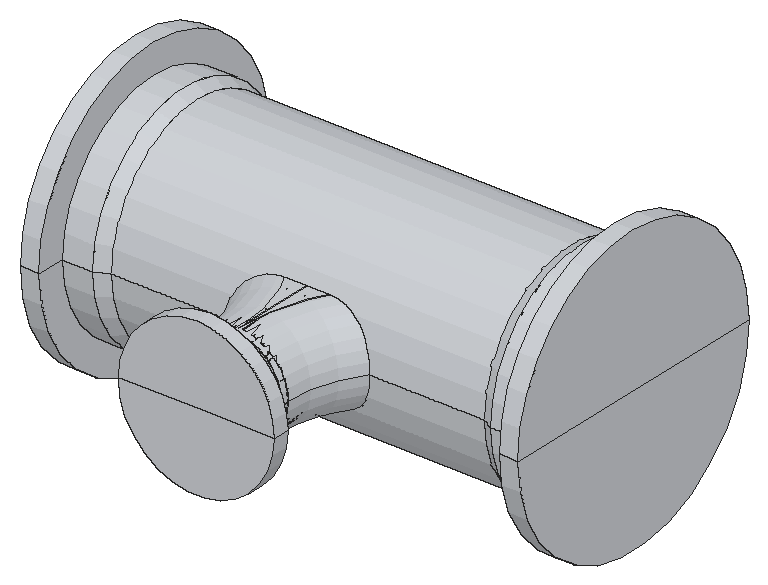
Revit family "856513a9eb244e048345ee099d640f28", category Pipe Fittings, Revit 2021
Family settings
  Round Connector Dimension = Use Radius
  Part Type = Tee
  OmniClass Number = 23.60.30.11.14
  OmniClass Title = Pipework Fittings
  Seek Item ID = Tee - PVC - Sch 40-0000-USA-ENU
  Work Plane-Based = No
  Always vertical = Yes
  Cut with Voids When Loaded = No
  Shared = No
Parameters (values of type "Standard")
  Visibility 1 [instance] = Angle = 90.00°  # yes
  Tick Size 2 [instance] = Fitting Outside Diameter 2 * 0.4  # 2.7760"
  Tick Size 1 [instance] = Fitting Outside Diameter 1 * 0.4  # 6.1200"
  Socket Outside Radius 2 [instance] = Socket Outside Diameter 2 / 2  # 3.8050"
  Socket Outside Radius 1 [instance] = Socket Outside Diameter 1 / 2  # 8.0950"
  Socket Outside Diameter 1 [instance] = size_lookup(Lookup Table Name, "SOD", 1.08 * Nominal Diameter 1 + 1.1300", Nominal Diameter 1)  # 16.1900"
  Socket Outside Diameter 2 [instance] = size_lookup(Lookup Table Name, "SOD", 1.08 * Nominal Diameter 2 + 1.1300", Nominal Diameter 2)  # 7.6100"
  Socket Depth 2 [instance] = if(Nominal Diameter 2 < 14.0000", 2.5000", if(Nominal Diameter 2 < 30.0000", 3.5000", 4.0000"))  # 2.5000"
  Socket Depth 1 [instance] = if(Nominal Diameter 1 < 14.0000", 2.5000", if(Nominal Diameter 1 < 30.0000", 3.5000", 4.0000"))  # 3.5000"
  Nominal Radius 2 [instance] = 3.0000"
  Nominal Diameter 2 [instance] = Nominal Radius 2 * 2  # 6.0000"
  Lookup Table Name = "Tee Reducing - MJ - GI - Class 150"
  Length 1 [instance] = Socket Depth 2 + Bevel Length 2  # 3.1700"
  Fitting Outside Radius 2 [instance] = Fitting Outside Diameter 2 / 2  # 3.4700"
  Fitting Outside Radius 1 [instance] = Fitting Outside Diameter 1 / 2  # 7.6500"
  Fitting Outside Diameter 2 [instance] = size_lookup(Lookup Table Name, "FOD", 1.04 * Nominal Diameter 2 + 0.7000", Nominal Diameter 2)  # 6.9400"
  Fitting Outside Diameter 1 [instance] = size_lookup(Lookup Table Name, "FOD", 1.04 * Nominal Diameter 1 + 0.7000", Nominal Diameter 1)  # 15.3000"
  Nominal Radius 1 [instance] = 7.0000"
  Nominal Diameter 1 [instance] = Nominal Radius 1 * 2  # 14.0000"
  Loss Method = K Coefficient from Table
  K Coefficient Table = "Tee"
  Default Elevation = 0.0000"
  Bevel Length 2 [instance] = size_lookup(Lookup Table Name, "BvLgt", 0.04 * Nominal Diameter 2 + 0.4300", Nominal Diameter 2)  # 0.6700"
  Bevel Length 1 [instance] = size_lookup(Lookup Table Name, "BvLgt", 0.04 * Nominal Diameter 1 + 0.4300", Nominal Diameter 1)  # 0.8900"
  Center to Socket Bottom 2 [instance] = size_lookup(Lookup Table Name, "CtSB2", 5.1800" + 0.57 * Nominal Diameter 1 + 0.05 * Nominal Diameter 2, Nominal Diameter 1, Nominal Diameter 2)  # 14.0000"
  Center to Socket Bottom 1 [instance] = size_lookup(Lookup Table Name, "CtSB1", 5.7000" + 0.3 * Nominal Diameter 1 + 0.32 * Nominal Diameter 2, Nominal Diameter 1, Nominal Diameter 2)  # 14.0000"
  Center to End 2 [instance] = Center to Socket Bottom 2 + Socket Depth 2  # 16.5000"
  Center to End 2 Label [instance] = if((Center to End 2 - Gland Width 2) * tan(Angle 1 / 2) > Gland Outside Radius 1, Center to End 2, Gland Outside Radius 1 / tan(Angle 1 / 2) + Gland Width 2)  # 16.5000"
  Center to End 1 Label [instance] = if((Center to End 2 - Gland Width 2) * tan(Angle 1 / 2) > Gland Outside Radius 1, Center to End 1, Gland Outside Radius 1 / tan(Angle 1 / 2) + Gland Width 2)  # 17.5000"
  Center to End 1 [instance] = Center to Socket Bottom 1 + Socket Depth 1  # 17.5000"
  Center Radius Label [instance] = if(Center to Socket Bottom 2 - Center Radius - Bevel Length 2 < 0.5000", Center to Socket Bottom 2 - Bevel Length 2 - 0.5000", Center Radius)  # 12.8300"
  Center Radius [instance] = size_lookup(Lookup Table Name, "CRad", 4.4800" + 0.3 * Nominal Diameter 1 + 0.33 * Nominal Diameter 2, Nominal Diameter 1, Nominal Diameter 2)  # 13.1100"
  Gland Width 2 [instance] = size_lookup(Lookup Table Name, "GWid", 0.03 * Nominal Diameter 2 + 0.9400", Nominal Diameter 2)  # 1.1200"
  Gland Width 1 [instance] = size_lookup(Lookup Table Name, "GWid", 0.03 * Nominal Diameter 1 + 0.9400", Nominal Diameter 1)  # 1.3100"
  Gland Outside Radius 2 [instance] = Gland Outside Diameter 2 / 2  # 5.4950"
  Gland Outside Radius 1 [instance] = Gland Outside Diameter 1 / 2  # 10.1250"
  Gland Outside Diameter 2 [instance] = size_lookup(Lookup Table Name, "GOD", 1.16 * Nominal Diameter 2 + 4.0300", Nominal Diameter 2)  # 10.9900"
  Gland Outside Diameter 1 [instance] = size_lookup(Lookup Table Name, "GOD", 1.16 * Nominal Diameter 1 + 4.0300", Nominal Diameter 1)  # 20.2500"
  Angle 1 [instance] = if(Angle > 90.00°, 180.00° - Angle, Angle)  # 90.00°
  Angle [instance] = 90.00°
Reference planes (in)
  plane 1 "Center (Front/Back)": y = 0
  plane 2: z = 0
  plane 3 "Center (Left/Right)": x = 0
  plane 4: y = -14
  plane 5: y = 10.125
  plane 6: y = 8.095
  plane 7: y = 7.65
  plane 8: x = -17.5
  plane 9: x = -16.19
  plane 10: x = -13.11
  plane 11: x = -14
  plane 12: x = 17.5
  plane 13: x = 16.19
  plane 14: x = 13.11
  plane 15: x = 14
  plane 16: y = -13.33
  plane 17: y = -12.83
  plane 18: x = -12.83
  plane 19: x = 12.83
  plane 20: z = 3.47
  plane 21: z = -3.47
  plane 22: y = 6.12
  plane 23: y = -6.12
Forms (in)
  Revolve 1, solid, detail levels fine
    sketch origin (0, 0, 0) x (1, 0, 0) y (0, 1, 0)
      loop
        line (-17.5, 0) -> (17.5, 0) -> (17.5, 10.125) -> (16.19, 10.125) -> (16.19, 8.095) -> (14, 8.095) -> (13.11, 7.65) -> (-13.11, 7.65) -> (-14, 8.095) -> (-16.19, 8.095) -> (-16.19, 10.125) -> (-17.5, 10.125) -> (-17.5, 0)
      axis (-17.5, 0) -> (17.5, 0)
    angle from 0 to 360
  Sweep 2, solid, visible <- "Visibility 1", detail levels fine
    path origin (0, 0, 0) x (1, 0, 0) y (0, 1, 0)
      loop
        arc (-12.83, 0) -> (-3.75782, -3.75782) -> (0, -12.83) r 12.83
        line (0, -12.83) -> (0, -13.33)
    profile origin (0, -12.83, 0) x (1, 0, 0) y (0, 0, 1)
      loop
        circle (0, 0) r 3.47
  Sweep 3, solid, visible <- "Visibility 1", detail levels fine
    path origin (0, 0, 0) x (-1, 0, 0) y (0, 1, 0)
      loop
        arc (-12.83, 0) -> (-3.75782, -3.75782) -> (0, -12.83) r 12.83
        line (0, -12.83) -> (0, -13.33)
    profile origin (0, -12.83, 0) x (1, 0, 0) y (0, 0, 1)
      loop
        circle (0, 0) r 3.47
  Extrusion 4, solid, visible <- "Visibility 1", detail levels fine
    sketch origin (0, 0, 0) x (1, 0, 0) y (0, 1, 0)
      loop
        arc (-12.83, 0) -> (-3.75782, -3.75782) -> (0, -12.83) r 12.83
        arc (0, -12.83) -> (3.75782, -3.75782) -> (12.83, 0) r 12.83
        line (12.83, 0) -> (-12.83, 0)
    from -3.47 to 3.47
  Revolve 5, solid, detail levels fine
    sketch origin (0, 0, 0) x (0, -1, 0) y (1, 0, 0)
      loop
        line (0, -3.47) -> (13.33, -3.47) -> (14, -3.805) -> (15.38, -3.805) -> (15.38, -5.495) -> (16.5, -5.495) -> (16.5, 0) -> (0, 0) -> (0, -3.47)
      axis (0, 0) -> (16.5, 0)
    angle from 0 to 360
Lines and regions (in)
  model lines, detail levels coarse+medium
    curve 1: line (-17.5, 6.12, 0) -> (-17.5, -6.12, 0)
    curve 2: line (17.5, 6.12, 0) -> (17.5, -6.12, 0)
    curve 5: line (-2.776, -16.5, 0) -> (2.776, -16.5, 0)
  model lines, style "PipeFitting", detail levels coarse+medium
    curve 3: line (-17.5, 0, 0) -> (17.5, 0, 0)
    curve 6: line (0, 0, 0) -> (0, -16.5, 0)
  reference lines, not visible
    curve 4: line (0, 0, 0) -> (0, -16.5, 0)
Dimensions and locks (in)
  "Center to Socket Bottom 2": plane 4 to plane 1 "Center (Front/Back)"
  "Fitting Outside Radius 1": plane 7 to plane 1 "Center (Front/Back)"
  "Socket Outside Radius 1": plane 6 to plane 1 "Center (Front/Back)"
  "Gland Outside Radius 1": plane 5 to plane 1 "Center (Front/Back)"
  "Gland Width 1": plane 8 to plane 9
  "Socket Depth 1": plane 8 to plane 11
  "Bevel Length 1": plane 11 to plane 10
  "Gland Width 1": plane 12 to plane 13
  "Socket Depth 1": plane 12 to plane 15
  "Bevel Length 1": plane 14 to plane 15
  "Bevel Length 2": plane 16 to plane 4
  "Center Radius Label": plane 1 "Center (Front/Back)" to plane 17
  "Center Radius Label": plane 18 to plane 3 "Center (Left/Right)"
  "Center Radius Label": plane 3 "Center (Left/Right)" to plane 19
  "Fitting Outside Radius 2": plane 20 to plane 2
  "Fitting Outside Radius 2": plane 21 to level
  "Tick Size 1": plane 1 "Center (Front/Back)" to plane 23
  "Tick Size 1": plane 22 to plane 1 "Center (Front/Back)"
  "Center to End 2 Label": curve 4 to curve 4
  "Center to End 2 Label": Revolve 5 sketch curve to Revolve 5 sketch curve
  "Gland Width 2": Revolve 5 sketch curve to Revolve 5 sketch curve
  "Socket Depth 2": Revolve 5 sketch curve to Revolve 5 sketch curve
  "Gland Outside Radius 2": Revolve 5 sketch curve to Revolve 5 sketch curve
  "Socket Outside Radius 2": Revolve 5 sketch curve to Revolve 5 sketch curve
  "Fitting Outside Radius 2": Revolve 5 sketch curve to Revolve 5 sketch curve
  "Length 1": Revolve 5 sketch curve to Revolve 5 sketch curve
  "Center to End 1 Label": plane 8 to plane 3 "Center (Left/Right)"
  "Center to End 1 Label": plane 3 "Center (Left/Right)" to plane 12
  "Tick Size 2": curve 5 to curve 4
  "Tick Size 2": curve 4 to curve 5
  "Center to End 2 Label": curve 6 to curve 6
  "Center Radius Label": radius of Sweep 2 sketch curve
  "Fitting Outside Radius 2": radius of Sweep 2 sketch curve
  "Center Radius Label": radius of Sweep 3 sketch curve
  "Fitting Outside Radius 2": radius of Sweep 3 sketch curve
  "Center Radius Label": radius of Extrusion 4 sketch curve  (x2)
  "Angle": angle curve 4 to plane 1 "Center (Front/Back)"
  "Angle": angle Revolve 5 sketch curve to plane 1 "Center (Front/Back)"
  locked: curve 4 to curve 5 (angle 90.00°)
  "Angle": angle curve 6 to plane 1 "Center (Front/Back)"
  aligned and locked: plane 1 "Center (Front/Back)" to Revolve 1 sketch curve
  aligned and locked: plane 8 to Revolve 1 sketch curve
  aligned and locked: Revolve 1 sketch curve to plane 5  (x2)
  aligned and locked: Revolve 1 sketch curve to plane 7
  aligned and locked: Revolve 1 sketch curve to plane 6  (x2)
  aligned and locked: plane 13 to Revolve 1 sketch curve
  aligned and locked: Revolve 1 sketch curve to plane 12
  aligned and locked: Revolve 1 sketch curve to plane 9
  aligned and locked: Revolve 1 sketch curve to Revolve 1 sketch curve
  aligned and locked: plane 11 to Revolve 1 sketch curve
  aligned and locked: plane 10 to Revolve 1 sketch curve
  aligned and locked: Revolve 1 sketch curve to plane 14
  aligned and locked: Revolve 1 sketch curve to plane 15
  aligned and locked: plane 17 to Sweep 2 sketch curve
  aligned and locked: plane 18 to Sweep 2 sketch curve
  aligned and locked: plane 19 to Sweep 3 sketch curve
  aligned and locked: plane 17 to Sweep 3 sketch curve
  aligned and locked: plane 18 to Extrusion 4 sketch curve  (x2)
  aligned and locked: plane 17 to Extrusion 4 sketch curve  (x3)
  aligned and locked: plane 19 to Extrusion 4 sketch curve  (x3)
  aligned and locked: plane 1 "Center (Front/Back)" to Extrusion 4 sketch curve  (x2)
  aligned and locked: plane 21 to Extrusion 4
  aligned and locked: plane 20 to Extrusion 4
  aligned and locked: plane 23 to curve 2
  aligned and locked: plane 22 to curve 2
  aligned and locked: curve 2 to plane 12
  aligned and locked: plane 23 to curve 1
  aligned and locked: plane 22 to curve 1
  aligned and locked: curve 1 to plane 8
  aligned and locked: plane 1 "Center (Front/Back)" to curve 3
  aligned and locked: plane 8 to curve 3
  aligned and locked: plane 12 to curve 3
  aligned and locked: plane 3 "Center (Left/Right)" to curve 4
  aligned and locked: plane 1 "Center (Front/Back)" to curve 4
  aligned and locked: plane 3 "Center (Left/Right)" to Revolve 5 sketch curve
  aligned and locked: plane 1 "Center (Front/Back)" to Revolve 5 sketch curve
  aligned and locked: Revolve 5 sketch curve to Revolve 5 sketch curve  (x3)
  aligned and locked: curve 5 to curve 4
  aligned and locked: plane 3 "Center (Left/Right)" to curve 6
  aligned and locked: plane 16 to Sweep 3 sketch curve
  aligned and locked: plane 16 to Sweep 2 sketch curve
Automatic sketch dimensions
  Revolve 1 sketch curve to plane 8 = 1.01143"
  Revolve 1 sketch curve to plane 12 = 1.76143"
  Sweep 2 sketch curve to level = 0.0000"
  profile plane to Sweep 2 sketch curve = 0.0000"
  Sweep 3 sketch curve to level = 0.0000"
  profile plane to Sweep 3 sketch curve = 0.0000"
  Extrusion 4 sketch curve to plane 18 = 0.0000"
Connectors (in)
  piping at (-17.5, 0, 0), diameter 14, driven by "Nominal Radius 1"
    settings: on Revolve 1, index 1, connector inside diameter 14.0000", connector length 0.0000", flow factor 0, pipe flow 0 GPM, pressure drop 0.00 psi, fitting loss kfactor 0, connector angle 0.00°, fixture units 0, engagement length 0.0000", angle of deflection 0.00°, flow configuration 0, flow direction 0, fitting loss method 0, system type 28, joint type 0, gender type 0, connector reference index 2, connector utility 0, adjustable connector no, is connector primary yes, connector description ""
  piping at (17.5, 0, 0), diameter 14, driven by "Nominal Radius 1"
    settings: on Revolve 1, index 2, connector inside diameter 14.0000", connector length 0.0000", flow factor 0, pipe flow 0 GPM, pressure drop 0.00 psi, fitting loss kfactor 0, connector angle 0.00°, fixture units 0, engagement length 0.0000", angle of deflection 0.00°, flow configuration 0, flow direction 0, fitting loss method 0, system type 28, joint type 0, gender type 0, connector reference index 1, connector utility 0, adjustable connector no, is connector primary no, connector description ""
  piping at (0, -16.5, 0), diameter 6, driven by "Nominal Radius 2", driven by "Angle"
    settings: on Revolve 5, index 3, connector inside diameter 6.0000", connector length 0.0000", flow factor 0, pipe flow 0 GPM, pressure drop 0.00 psi, fitting loss kfactor 0, connector angle 90.00°, fixture units 0, engagement length 0.0000", angle of deflection 0.00°, flow configuration 0, flow direction 0, fitting loss method 0, system type 28, joint type 0, gender type 0, connector reference index -1, connector utility 0, adjustable connector no, is connector primary no, connector description ""
